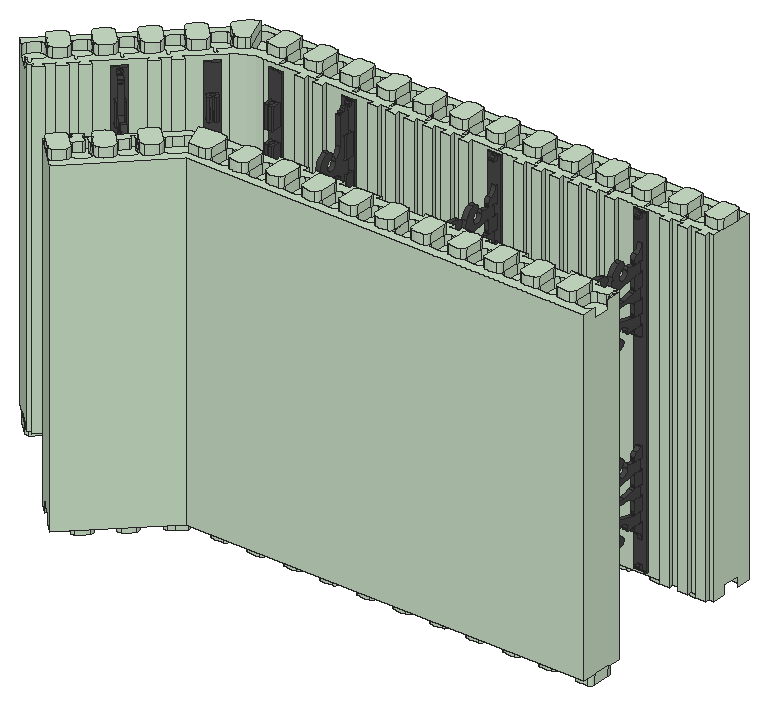
Revit family (continued)
Definition of nested family "NUDURA Logo Diamond"
  Lines and regions (in)
    model lines
      curve 74: line (11.3964, 0, 4.00104) -> (11.63374, 0, 4.23839)
      curve 75: line (11.63374, 0, 3.26872) -> (11.3964, 0, 3.50607)
      curve 76: line (11.3964, 0, 2.50104) -> (11.63374, 0, 2.73839)
      curve 77: line (11.63374, 0, 1.76872) -> (11.3964, 0, 2.00607)
      curve 78: line (11.3964, 0, 1.00104) -> (11.63374, 0, 1.23839)
      curve 79: line (11.74995, 0, 0.15251) -> (11.3964, 0, 0.50607)
      curve 80: line (11.82066, 0, 0.22322) -> (11.46711, 0, 0.57678)
      curve 81: line (12.52777, 0, 0.57678) -> (12.17421, 0, 0.22322)
      curve 82: line (12.17421, 0, 1.28388) -> (12.52777, 0, 0.93033)
      curve 83: line (11.46711, 0, 0.93033) -> (11.82066, 0, 1.28388)
      curve 84: arc (11.3964, 0, 0.50607) -> (11.29388, 0, 0.75355) -> (11.3964, 0, 1.00104) r 0.35
      curve 85: arc (11.74995, 0, 0.15251) -> (11.99744, 0, 0.05) -> (12.24492, 0, 0.15251) r 0.35
      curve 86: arc (11.46711, 0, 0.57678) -> (11.39388, 0, 0.75355) -> (11.46711, 0, 0.93033) r 0.25
      curve 87: arc (12.52777, 0, 0.57678) -> (12.60099, 0, 0.75355) -> (12.52777, 0, 0.93033) r 0.25
      curve 88: arc (12.17421, 0, 1.28388) -> (11.99744, 0, 1.35711) -> (11.82066, 0, 1.28388) r 0.25
      curve 89: arc (11.82066, 0, 0.22322) -> (11.99744, 0, 0.15) -> (12.17421, 0, 0.22322) r 0.25
      curve 90: arc (12.59848, 0, 0.50607) -> (12.70099, 0, 0.75355) -> (12.59848, 0, 1.00104) r 0.35
      curve 91: arc (11.63374, 0, 1.23839) -> (11.74358, 0, 1.50355) -> (11.63374, 0, 1.76872) r 0.375
      curve 92: arc (12.36113, 0, 1.23839) -> (12.2513, 0, 1.50355) -> (12.36113, 0, 1.76872) r 0.375
      curve 93: line (12.36113, 0, 2.73839) -> (12.59848, 0, 2.50104)
      curve 94: line (11.3964, 0, 2.50104) -> (11.63374, 0, 2.73839)
      curve 95: line (11.82066, 0, 1.72322) -> (11.46711, 0, 2.07678)
      curve 96: line (12.52777, 0, 2.07678) -> (12.17421, 0, 1.72322)
      curve 97: line (12.17421, 0, 2.78388) -> (12.52777, 0, 2.43033)
      curve 98: line (11.46711, 0, 2.43033) -> (11.82066, 0, 2.78388)
      curve 99: arc (11.3964, 0, 2.00607) -> (11.29388, 0, 2.25355) -> (11.3964, 0, 2.50104) r 0.35
      curve 100: arc (11.46711, 0, 2.07678) -> (11.39388, 0, 2.25355) -> (11.46711, 0, 2.43033) r 0.25
      curve 101: arc (12.52777, 0, 2.07678) -> (12.60099, 0, 2.25355) -> (12.52777, 0, 2.43033) r 0.25
      curve 102: arc (12.17421, 0, 2.78388) -> (11.99744, 0, 2.85711) -> (11.82066, 0, 2.78388) r 0.25
      curve 103: arc (11.82066, 0, 1.72322) -> (11.99744, 0, 1.65) -> (12.17421, 0, 1.72322) r 0.25
      curve 104: arc (12.59848, 0, 2.00607) -> (12.70099, 0, 2.25355) -> (12.59848, 0, 2.50104) r 0.35
      curve 105: line (11.63374, 0, 1.76872) -> (11.3964, 0, 2.00607)
      curve 106: line (12.59848, 0, 2.00607) -> (12.36113, 0, 1.76872)
      curve 107: arc (11.63374, 0, 2.73839) -> (11.74358, 0, 3.00355) -> (11.63374, 0, 3.26872) r 0.375
      curve 108: arc (12.36113, 0, 2.73839) -> (12.2513, 0, 3.00355) -> (12.36113, 0, 3.26872) r 0.375
      curve 109: line (12.36113, 0, 4.23839) -> (12.59848, 0, 4.00104)
      curve 110: line (11.3964, 0, 4.00104) -> (11.63374, 0, 4.23839)
      curve 111: line (11.82066, 0, 3.22322) -> (11.46711, 0, 3.57678)
      curve 112: line (12.52777, 0, 3.57678) -> (12.17421, 0, 3.22322)
      curve 113: line (12.17421, 0, 4.28388) -> (12.52777, 0, 3.93033)
      curve 114: line (11.46711, 0, 3.93033) -> (11.82066, 0, 4.28388)
      curve 115: arc (11.3964, 0, 3.50607) -> (11.29388, 0, 3.75355) -> (11.3964, 0, 4.00104) r 0.35
      curve 116: arc (11.46711, 0, 3.57678) -> (11.39388, 0, 3.75355) -> (11.46711, 0, 3.93033) r 0.25
      curve 117: arc (12.52777, 0, 3.57678) -> (12.60099, 0, 3.75355) -> (12.52777, 0, 3.93033) r 0.25
      curve 118: arc (12.17421, 0, 4.28388) -> (11.99744, 0, 4.35711) -> (11.82066, 0, 4.28388) r 0.25
      curve 119: arc (11.82066, 0, 3.22322) -> (11.99744, 0, 3.15) -> (12.17421, 0, 3.22322) r 0.25
      curve 120: arc (12.59848, 0, 3.50607) -> (12.70099, 0, 3.75355) -> (12.59848, 0, 4.00104) r 0.35
      curve 121: line (11.63374, 0, 3.26872) -> (11.3964, 0, 3.50607)
      curve 122: arc (11.63374, 0, 4.23839) -> (11.74358, 0, 4.50355) -> (11.63374, 0, 4.76872) r 0.375
      curve 123: arc (12.36113, 0, 4.23839) -> (12.2513, 0, 4.50355) -> (12.36113, 0, 4.76872) r 0.375
      curve 124: line (12.78279, 0, 5.19038) -> (12.36113, 0, 4.76872)
      curve 125: line (11.21208, 0, 5.19038) -> (11.28279, 0, 5.26109)
      curve 126: arc (11.82066, 0, 4.72322) -> (11.99744, 0, 4.65) -> (12.17421, 0, 4.72322) r 0.25
      curve 127: line (12.37244, 0, 12.50355) -> (11.62244, 0, 12.50355)
      curve 128: line (12.74744, 0, 5.87855) -> (12.74744, 0, 12.12855)
      curve 129: line (11.24744, 0, 12.12855) -> (11.24744, 0, 5.87855)
      curve 130: line (11.62244, 0, 5.50355) -> (12.37244, 0, 5.50355)
      curve 131: line (12.47232, 0, 12.00355) -> (12.0393, 0, 12.25355)
      curve 132: line (12.47232, 0, 11.50355) -> (12.47232, 0, 12.00355)
      curve 133: line (12.25581, 0, 11.37855) -> (12.47232, 0, 11.50355)
      curve 134: line (12.02256, 0, 11.51322) -> (12.25581, 0, 11.37855)
      curve 135: line (12.22232, 0, 11.62855) -> (12.02256, 0, 11.51322)
      curve 136: line (11.80605, 0, 12.11888) -> (12.22232, 0, 11.87855)
      curve 137: line (12.22232, 0, 11.87855) -> (12.22232, 0, 11.62855)
      curve 138: line (12.0393, 0, 12.25355) -> (11.80605, 0, 12.11888)
      curve 139: line (11.77256, 0, 11.63822) -> (11.97232, 0, 11.75355)
      curve 140: line (11.97232, 0, 11.75355) -> (11.73906, 0, 11.88822)
      curve 141: line (11.73906, 0, 11.88822) -> (11.52256, 0, 11.76322)
      curve 142: line (11.52256, 0, 11.76322) -> (11.52256, 0, 11.26322)
      curve 143: line (11.77256, 0, 11.38822) -> (11.77256, 0, 11.63822)
      curve 144: line (12.18882, 0, 11.14789) -> (11.77256, 0, 11.38822)
      curve 145: line (11.95557, 0, 11.01322) -> (12.18882, 0, 11.14789)
      curve 146: line (11.52256, 0, 11.26322) -> (11.95557, 0, 11.01322)
      curve 147: line (12.31108, 0, 10.60411) -> (11.68379, 0, 10.74458)
      curve 148: line (11.68379, 0, 10.74458) -> (11.68379, 0, 10.51321)
      curve 149: line (11.68379, 0, 10.51321) -> (12.1295, 0, 10.41405)
      curve 150: line (12.1295, 0, 10.41405) -> (11.68379, 0, 10.27358)
      curve 151: line (11.68379, 0, 10.27358) -> (11.68379, 0, 9.8852)
      curve 152: line (11.68379, 0, 9.8852) -> (12.17077, 0, 9.77615)
      curve 153: line (12.17077, 0, 9.77615) -> (12.17077, 0, 9.74472)
      curve 154: line (12.17077, 0, 9.74472) -> (11.86146, 0, 9.80279)
      curve 155: line (11.68379, 0, 9.65536) -> (11.68379, 0, 9.35864)
      curve 156: line (12.07077, 0, 8.74385) -> (12.07077, 0, 8.99996)
      curve 157: line (12.07077, 0, 8.99996) -> (11.68379, 0, 9.08605)
      curve 158: line (11.68379, 0, 9.08605) -> (11.68379, 0, 8.47809)
      curve 159: line (11.91823, 0, 9.06589) -> (12.31108, 0, 8.97792)
      curve 160: line (11.82444, 0, 8.55476) -> (11.82444, 0, 8.79865)
      curve 161: line (11.82444, 0, 8.79865) -> (12.07077, 0, 8.74385)
      curve 162: line (11.68379, 0, 8.07193) -> (11.68379, 0, 7.77522)
      curve 163: line (11.91823, 0, 7.48247) -> (12.21108, 0, 7.41688)
      curve 164: line (12.21108, 0, 7.41688) -> (12.21108, 0, 6.95405)
      curve 165: line (12.16108, 0, 6.90405) -> (12.12077, 0, 6.90405)
      curve 166: line (12.07077, 0, 6.95405) -> (12.07077, 0, 7.08675)
      curve 167: line (12.07077, 0, 7.08675) -> (12.12077, 0, 7.07556)
      curve 168: line (12.12077, 0, 7.07556) -> (12.12077, 0, 7.33463)
      curve 169: line (12.12077, 0, 7.33463) -> (11.68379, 0, 7.43249)
      curve 170: line (11.68379, 0, 7.43249) -> (11.68379, 0, 7.17341)
      curve 171: line (11.68379, 0, 7.17341) -> (11.97077, 0, 7.10915)
      curve 172: line (11.97077, 0, 7.10915) -> (11.97077, 0, 6.99425)
      curve 173: line (11.92077, 0, 6.94425) -> (11.68379, 0, 6.94425)
      curve 174: line (11.68379, 0, 6.94425) -> (11.68379, 0, 6.45682)
      curve 175: line (11.68379, 0, 6.45682) -> (11.78284, 0, 6.38658)
      curve 176: line (11.78284, 0, 6.38658) -> (11.78284, 0, 6.05178)
      curve 177: line (12.12371, 0, 6.14486) -> (11.88284, 0, 6.31567)
      curve 178: line (11.88284, 0, 6.31567) -> (11.88284, 0, 6.07909)
      curve 179: line (11.88284, 0, 6.07909) -> (12.12371, 0, 6.14486)
      curve 180: line (11.78284, 0, 6.05178) -> (11.68379, 0, 6.02474)
      curve 181: line (11.68379, 0, 6.02474) -> (11.68379, 0, 5.75355)
      curve 182: line (11.68379, 0, 5.75355) -> (12.31108, 0, 5.92483)
      curve 183: line (12.31108, 0, 5.92483) -> (12.31108, 0, 6.28791)
      curve 184: line (12.31108, 0, 6.28791) -> (11.76249, 0, 6.67694)
      curve 185: line (11.76249, 0, 6.67694) -> (11.90321, 0, 6.67694)
      curve 186: line (12.31108, 0, 6.78674) -> (12.31108, 0, 7.63562)
      curve 187: line (12.31108, 0, 7.63562) -> (11.90258, 0, 7.7271)
      curve 188: line (11.82444, 0, 7.82469) -> (11.82444, 0, 7.92839)
      curve 189: line (11.88536, 0, 7.97718) -> (12.31108, 0, 7.88185)
      curve 190: line (12.31108, 0, 7.88185) -> (12.31108, 0, 8.13496)
      curve 191: line (12.31108, 0, 8.13496) -> (12.08042, 0, 8.17826)
      curve 192: line (12.31108, 0, 8.38353) -> (12.31108, 0, 8.9465)
      curve 193: line (12.31108, 0, 8.9465) -> (12.17077, 0, 8.97771)
      curve 194: line (12.17077, 0, 8.97771) -> (12.17077, 0, 8.55476)
      curve 195: line (12.31108, 0, 8.97792) -> (12.31108, 0, 9.21905)
      curve 196: line (12.31108, 0, 9.21905) -> (11.90258, 0, 9.31053)
      curve 197: line (11.82444, 0, 9.40811) -> (11.82444, 0, 9.51182)
      curve 198: line (11.87938, 0, 9.56195) -> (12.31108, 0, 9.46528)
      curve 199: line (12.31108, 0, 9.46528) -> (12.31108, 0, 9.98469)
      curve 200: line (12.31108, 0, 9.98469) -> (11.90664, 0, 10.07526)
      curve 201: line (11.90664, 0, 10.07526) -> (12.31108, 0, 10.20747)
      curve 202: line (12.31108, 0, 10.20747) -> (12.31108, 0, 10.60411)
      curve 203: arc (11.68379, 0, 9.65536) -> (11.73801, 0, 9.7708) -> (11.86146, 0, 9.80279) r 0.15
      curve 204: arc (11.68379, 0, 9.35864) -> (11.74962, 0, 9.17112) -> (11.91823, 0, 9.06589) r 0.3
      curve 205: arc (11.84417, 0, 8.22149) -> (11.72718, 0, 8.32679) -> (11.68379, 0, 8.47809) r 0.28547
      curve 206: arc (11.68379, 0, 8.07193) -> (11.73147, 0, 8.18158) -> (11.84417, 0, 8.22149) r 0.14992
      curve 207: arc (11.68379, 0, 7.77522) -> (11.74962, 0, 7.58769) -> (11.91823, 0, 7.48247) r 0.3
      curve 208: arc (11.82444, 0, 7.82469) -> (11.84638, 0, 7.76218) -> (11.90258, 0, 7.7271) r 0.1
      curve 209: arc (11.82444, 0, 7.92839) -> (11.84318, 0, 7.96742) -> (11.88536, 0, 7.97718) r 0.05
      curve 210: arc (12.12077, 0, 6.90405) -> (12.08541, 0, 6.91869) -> (12.07077, 0, 6.95405) r 0.05
      curve 211: arc (12.16108, 0, 6.90405) -> (12.19644, 0, 6.91869) -> (12.21108, 0, 6.95405) r 0.05
      curve 212: arc (11.97077, 0, 6.99425) -> (11.95612, 0, 6.95889) -> (11.92077, 0, 6.94425) r 0.05
      curve 213: arc (11.90321, 0, 6.67694) -> (11.96756, 0, 6.70069) -> (12.00104, 0, 6.76055) r 0.09904
      curve 214: arc (12.00104, 0, 6.76055) -> (12.1681, 0, 6.63117) -> (12.31108, 0, 6.78674) r 0.15613
      curve 215: arc (12.08042, 0, 8.17826) -> (12.24181, 0, 8.22914) -> (12.31108, 0, 8.38353) r 0.20667
      curve 216: arc (11.82444, 0, 8.55476) -> (11.9976, 0, 8.3816) -> (12.17077, 0, 8.55476) r 0.17317
      curve 217: arc (11.82444, 0, 9.40811) -> (11.84638, 0, 9.34561) -> (11.90258, 0, 9.31053) r 0.1
      curve 218: arc (11.82444, 0, 9.51182) -> (11.8459, 0, 9.55306) -> (11.892, 0, 9.55913) r 0.05034
      curve 219: arc (11.24744, 0, 12.12855) -> (11.35727, 0, 12.39372) -> (11.62244, 0, 12.50355) r 0.375
      curve 220: arc (12.37244, 0, 12.50355) -> (12.6376, 0, 12.39372) -> (12.74744, 0, 12.12855) r 0.375
      curve 221: arc (11.24744, 0, 5.87855) -> (11.35727, 0, 5.61339) -> (11.62244, 0, 5.50355) r 0.375
      curve 222: arc (12.37244, 0, 5.50355) -> (12.6376, 0, 5.61339) -> (12.74744, 0, 5.87855) r 0.375
      curve 223: line (9.99744, 0, 18) -> (9.99744, 0, 0)
      curve 224: line (13.99744, 0, 18) -> (13.99744, 0, 0)
      curve 225: line (15.99744, 0, 18) -> (15.99744, 0, 0)
Definition of nested family "NUDURA Logo Diamond Missing Outside Line"
  Reference planes (in)
    plane 1 "Center (Front/Back)": y = 0
    plane 2: z = 0
    plane 3 "Center (Left/Right)": x = 0
  Lines and regions (in)
    model lines
      curve 1: line (12.59848, 0, 17.50104) -> (12.24492, 0, 17.85459)
      curve 2: line (12.36113, 0, 16.76872) -> (12.59848, 0, 17.00607)
      curve 3: line (12.59848, 0, 16.00104) -> (12.36113, 0, 16.23839)
      curve 4: line (12.36113, 0, 15.26872) -> (12.59848, 0, 15.50607)
      curve 5: line (12.59848, 0, 14.50104) -> (12.36113, 0, 14.73839)
      curve 6: line (12.36113, 0, 13.76872) -> (12.59848, 0, 14.00607)
      curve 7: line (12.17421, 0, 13.28388) -> (12.71208, 0, 12.74602)
      curve 8: line (12.71208, 0, 12.74602) -> (12.78279, 0, 12.81673)
      curve 9: line (11.28279, 0, 12.74602) -> (11.82066, 0, 13.28388)
      curve 10: line (11.63374, 0, 13.23839) -> (11.21208, 0, 12.81673)
      curve 11: line (11.3964, 0, 14.00607) -> (11.63374, 0, 13.76872)
      curve 12: line (11.63374, 0, 14.73839) -> (11.3964, 0, 14.50104)
      curve 13: line (11.3964, 0, 15.50607) -> (11.63374, 0, 15.26872)
      curve 14: line (11.63374, 0, 16.23839) -> (11.3964, 0, 16.00104)
      curve 15: line (11.3964, 0, 17.00607) -> (11.63374, 0, 16.76872)
      curve 16: line (11.74995, 0, 17.85459) -> (11.3964, 0, 17.50104)
      curve 17: line (11.82066, 0, 17.78388) -> (11.46711, 0, 17.43033)
      curve 18: line (12.52777, 0, 17.43033) -> (12.17421, 0, 17.78388)
      curve 19: line (12.17421, 0, 16.72322) -> (12.52777, 0, 17.07678)
      curve 20: line (11.46711, 0, 17.07678) -> (11.82066, 0, 16.72322)
      curve 21: arc (11.3964, 0, 17.50104) -> (11.29388, 0, 17.25355) -> (11.3964, 0, 17.00607) r 0.35
      curve 22: arc (11.74995, 0, 17.85459) -> (11.99744, 0, 17.95711) -> (12.24492, 0, 17.85459) r 0.35
      curve 23: arc (11.46711, 0, 17.43033) -> (11.39388, 0, 17.25355) -> (11.46711, 0, 17.07678) r 0.25
      curve 24: arc (12.52777, 0, 17.43033) -> (12.60099, 0, 17.25355) -> (12.52777, 0, 17.07678) r 0.25
      curve 25: arc (12.17421, 0, 16.72322) -> (11.99744, 0, 16.65) -> (11.82066, 0, 16.72322) r 0.25
      curve 26: arc (11.82066, 0, 17.78388) -> (11.99744, 0, 17.85711) -> (12.17421, 0, 17.78388) r 0.25
      curve 27: arc (12.59848, 0, 17.50104) -> (12.70099, 0, 17.25355) -> (12.59848, 0, 17.00607) r 0.35
      curve 28: arc (11.63374, 0, 16.76872) -> (11.74358, 0, 16.50355) -> (11.63374, 0, 16.23839) r 0.375
      curve 29: arc (12.36113, 0, 16.76872) -> (12.2513, 0, 16.50355) -> (12.36113, 0, 16.23839) r 0.375
      curve 30: line (12.36113, 0, 15.26872) -> (12.59848, 0, 15.50607)
      curve 31: line (11.3964, 0, 15.50607) -> (11.63374, 0, 15.26872)
      curve 32: line (11.82066, 0, 16.28388) -> (11.46711, 0, 15.93033)
      curve 33: line (12.52777, 0, 15.93033) -> (12.17421, 0, 16.28388)
      curve 34: line (12.17421, 0, 15.22322) -> (12.52777, 0, 15.57678)
      curve 35: line (11.46711, 0, 15.57678) -> (11.82066, 0, 15.22322)
      curve 36: arc (11.3964, 0, 16.00104) -> (11.29388, 0, 15.75355) -> (11.3964, 0, 15.50607) r 0.35
      curve 37: arc (11.46711, 0, 15.93033) -> (11.39388, 0, 15.75355) -> (11.46711, 0, 15.57678) r 0.25
      curve 38: arc (12.52777, 0, 15.93033) -> (12.60099, 0, 15.75355) -> (12.52777, 0, 15.57678) r 0.25
      curve 39: arc (12.17421, 0, 15.22322) -> (11.99744, 0, 15.15) -> (11.82066, 0, 15.22322) r 0.25
      curve 40: arc (11.82066, 0, 16.28388) -> (11.99744, 0, 16.35711) -> (12.17421, 0, 16.28388) r 0.25
      curve 41: arc (12.59848, 0, 16.00104) -> (12.70099, 0, 15.75355) -> (12.59848, 0, 15.50607) r 0.35
      curve 42: line (11.63374, 0, 16.23839) -> (11.3964, 0, 16.00104)
      curve 43: line (12.59848, 0, 16.00104) -> (12.36113, 0, 16.23839)
      curve 44: arc (11.63374, 0, 15.26872) -> (11.74358, 0, 15.00355) -> (11.63374, 0, 14.73839) r 0.375
      curve 45: arc (12.36113, 0, 15.26872) -> (12.2513, 0, 15.00355) -> (12.36113, 0, 14.73839) r 0.375
      curve 46: line (12.36113, 0, 13.76872) -> (12.59848, 0, 14.00607)
      curve 47: line (11.3964, 0, 14.00607) -> (11.63374, 0, 13.76872)
      curve 48: line (11.82066, 0, 14.78388) -> (11.46711, 0, 14.43033)
      curve 49: line (12.52777, 0, 14.43033) -> (12.17421, 0, 14.78388)
      curve 50: line (12.17421, 0, 13.72322) -> (12.52777, 0, 14.07678)
      curve 51: line (11.46711, 0, 14.07678) -> (11.82066, 0, 13.72322)
      curve 52: arc (11.3964, 0, 14.50104) -> (11.29388, 0, 14.25355) -> (11.3964, 0, 14.00607) r 0.35
      curve 53: arc (11.46711, 0, 14.43033) -> (11.39388, 0, 14.25355) -> (11.46711, 0, 14.07678) r 0.25
      curve 54: arc (12.52777, 0, 14.43033) -> (12.60099, 0, 14.25355) -> (12.52777, 0, 14.07678) r 0.25
      curve 55: arc (12.17421, 0, 13.72322) -> (11.99744, 0, 13.65) -> (11.82066, 0, 13.72322) r 0.25
      curve 56: arc (11.82066, 0, 14.78388) -> (11.99744, 0, 14.85711) -> (12.17421, 0, 14.78388) r 0.25
      curve 57: arc (12.59848, 0, 14.50104) -> (12.70099, 0, 14.25355) -> (12.59848, 0, 14.00607) r 0.35
      curve 58: line (11.63374, 0, 14.73839) -> (11.3964, 0, 14.50104)
      curve 59: arc (11.63374, 0, 13.76872) -> (11.74358, 0, 13.50355) -> (11.63374, 0, 13.23839) r 0.375
      curve 60: arc (12.36113, 0, 13.76872) -> (12.2513, 0, 13.50355) -> (12.36113, 0, 13.23839) r 0.375
      curve 61: line (12.78279, 0, 12.81673) -> (12.36113, 0, 13.23839)
      curve 62: line (11.21208, 0, 12.81673) -> (11.28279, 0, 12.74602)
      curve 63: arc (11.82066, 0, 13.28388) -> (11.99744, 0, 13.35711) -> (12.17421, 0, 13.28388) r 0.25
      curve 64: line (12.59848, 0, 0.50607) -> (12.24492, 0, 0.15251)
      curve 65: line (12.36113, 0, 1.23839) -> (12.59848, 0, 1.00104)
      curve 66: line (12.59848, 0, 2.00607) -> (12.36113, 0, 1.76872)
      curve 67: line (12.36113, 0, 2.73839) -> (12.59848, 0, 2.50104)
      curve 68: line (12.59848, 0, 3.50607) -> (12.36113, 0, 3.26872)
      curve 69: line (12.36113, 0, 4.23839) -> (12.59848, 0, 4.00104)
      curve 70: line (12.17421, 0, 4.72322) -> (12.71208, 0, 5.26109)
      curve 71: line (12.71208, 0, 5.26109) -> (12.78279, 0, 5.19038)
      curve 72: line (11.28279, 0, 5.26109) -> (11.82066, 0, 4.72322)
      curve 73: line (11.63374, 0, 4.76872) -> (11.21208, 0, 5.19038)
      curve 74: line (11.3964, 0, 4.00104) -> (11.63374, 0, 4.23839)
      curve 75: line (11.63374, 0, 3.26872) -> (11.3964, 0, 3.50607)
      curve 76: line (11.3964, 0, 2.50104) -> (11.63374, 0, 2.73839)
      curve 77: line (11.63374, 0, 1.76872) -> (11.3964, 0, 2.00607)
      curve 78: line (11.3964, 0, 1.00104) -> (11.63374, 0, 1.23839)
      curve 79: line (11.74995, 0, 0.15251) -> (11.3964, 0, 0.50607)
      curve 80: line (11.82066, 0, 0.22322) -> (11.46711, 0, 0.57678)
      curve 81: line (12.52777, 0, 0.57678) -> (12.17421, 0, 0.22322)
      curve 82: line (12.17421, 0, 1.28388) -> (12.52777, 0, 0.93033)
      curve 83: line (11.46711, 0, 0.93033) -> (11.82066, 0, 1.28388)
      curve 84: arc (11.3964, 0, 0.50607) -> (11.29388, 0, 0.75355) -> (11.3964, 0, 1.00104) r 0.35
      curve 85: arc (11.74995, 0, 0.15251) -> (11.99744, 0, 0.05) -> (12.24492, 0, 0.15251) r 0.35
      curve 86: arc (11.46711, 0, 0.57678) -> (11.39388, 0, 0.75355) -> (11.46711, 0, 0.93033) r 0.25
      curve 87: arc (12.52777, 0, 0.57678) -> (12.60099, 0, 0.75355) -> (12.52777, 0, 0.93033) r 0.25
      curve 88: arc (12.17421, 0, 1.28388) -> (11.99744, 0, 1.35711) -> (11.82066, 0, 1.28388) r 0.25
      curve 89: arc (11.82066, 0, 0.22322) -> (11.99744, 0, 0.15) -> (12.17421, 0, 0.22322) r 0.25
      curve 90: arc (12.59848, 0, 0.50607) -> (12.70099, 0, 0.75355) -> (12.59848, 0, 1.00104) r 0.35
      curve 91: arc (11.63374, 0, 1.23839) -> (11.74358, 0, 1.50355) -> (11.63374, 0, 1.76872) r 0.375
      curve 92: arc (12.36113, 0, 1.23839) -> (12.2513, 0, 1.50355) -> (12.36113, 0, 1.76872) r 0.375
      curve 93: line (12.36113, 0, 2.73839) -> (12.59848, 0, 2.50104)
      curve 94: line (11.3964, 0, 2.50104) -> (11.63374, 0, 2.73839)
      curve 95: line (11.82066, 0, 1.72322) -> (11.46711, 0, 2.07678)
      curve 96: line (12.52777, 0, 2.07678) -> (12.17421, 0, 1.72322)
      curve 97: line (12.17421, 0, 2.78388) -> (12.52777, 0, 2.43033)
      curve 98: line (11.46711, 0, 2.43033) -> (11.82066, 0, 2.78388)
      curve 99: arc (11.3964, 0, 2.00607) -> (11.29388, 0, 2.25355) -> (11.3964, 0, 2.50104) r 0.35
      curve 100: arc (11.46711, 0, 2.07678) -> (11.39388, 0, 2.25355) -> (11.46711, 0, 2.43033) r 0.25
      curve 101: arc (12.52777, 0, 2.07678) -> (12.60099, 0, 2.25355) -> (12.52777, 0, 2.43033) r 0.25
      curve 102: arc (12.17421, 0, 2.78388) -> (11.99744, 0, 2.85711) -> (11.82066, 0, 2.78388) r 0.25
      curve 103: arc (11.82066, 0, 1.72322) -> (11.99744, 0, 1.65) -> (12.17421, 0, 1.72322) r 0.25
      curve 104: arc (12.59848, 0, 2.00607) -> (12.70099, 0, 2.25355) -> (12.59848, 0, 2.50104) r 0.35
      curve 105: line (11.63374, 0, 1.76872) -> (11.3964, 0, 2.00607)
      curve 106: line (12.59848, 0, 2.00607) -> (12.36113, 0, 1.76872)
      curve 107: arc (11.63374, 0, 2.73839) -> (11.74358, 0, 3.00355) -> (11.63374, 0, 3.26872) r 0.375
      curve 108: arc (12.36113, 0, 2.73839) -> (12.2513, 0, 3.00355) -> (12.36113, 0, 3.26872) r 0.375
      curve 109: line (12.36113, 0, 4.23839) -> (12.59848, 0, 4.00104)
      curve 110: line (11.3964, 0, 4.00104) -> (11.63374, 0, 4.23839)
      curve 111: line (11.82066, 0, 3.22322) -> (11.46711, 0, 3.57678)
      curve 112: line (12.52777, 0, 3.57678) -> (12.17421, 0, 3.22322)
      curve 113: line (12.17421, 0, 4.28388) -> (12.52777, 0, 3.93033)
      curve 114: line (11.46711, 0, 3.93033) -> (11.82066, 0, 4.28388)
      curve 115: arc (11.3964, 0, 3.50607) -> (11.29388, 0, 3.75355) -> (11.3964, 0, 4.00104) r 0.35
      curve 116: arc (11.46711, 0, 3.57678) -> (11.39388, 0, 3.75355) -> (11.46711, 0, 3.93033) r 0.25
      curve 117: arc (12.52777, 0, 3.57678) -> (12.60099, 0, 3.75355) -> (12.52777, 0, 3.93033) r 0.25
      curve 118: arc (12.17421, 0, 4.28388) -> (11.99744, 0, 4.35711) -> (11.82066, 0, 4.28388) r 0.25
      curve 119: arc (11.82066, 0, 3.22322) -> (11.99744, 0, 3.15) -> (12.17421, 0, 3.22322) r 0.25
      curve 120: arc (12.59848, 0, 3.50607) -> (12.70099, 0, 3.75355) -> (12.59848, 0, 4.00104) r 0.35
      curve 121: line (11.63374, 0, 3.26872) -> (11.3964, 0, 3.50607)
      curve 122: arc (11.63374, 0, 4.23839) -> (11.74358, 0, 4.50355) -> (11.63374, 0, 4.76872) r 0.375
      curve 123: arc (12.36113, 0, 4.23839) -> (12.2513, 0, 4.50355) -> (12.36113, 0, 4.76872) r 0.375
      curve 124: line (12.78279, 0, 5.19038) -> (12.36113, 0, 4.76872)
      curve 125: line (11.21208, 0, 5.19038) -> (11.28279, 0, 5.26109)
      curve 126: arc (11.82066, 0, 4.72322) -> (11.99744, 0, 4.65) -> (12.17421, 0, 4.72322) r 0.25
      curve 127: line (12.37244, 0, 12.50355) -> (11.62244, 0, 12.50355)
      curve 128: line (12.74744, 0, 5.87855) -> (12.74744, 0, 12.12855)
      curve 129: line (11.24744, 0, 12.12855) -> (11.24744, 0, 5.87855)
      curve 130: line (11.62244, 0, 5.50355) -> (12.37244, 0, 5.50355)
      curve 131: line (12.47232, 0, 12.00355) -> (12.0393, 0, 12.25355)
      curve 132: line (12.47232, 0, 11.50355) -> (12.47232, 0, 12.00355)
      curve 133: line (12.25581, 0, 11.37855) -> (12.47232, 0, 11.50355)
      curve 134: line (12.02256, 0, 11.51322) -> (12.25581, 0, 11.37855)
      curve 135: line (12.22232, 0, 11.62855) -> (12.02256, 0, 11.51322)
      curve 136: line (11.80605, 0, 12.11888) -> (12.22232, 0, 11.87855)
      curve 137: line (12.22232, 0, 11.87855) -> (12.22232, 0, 11.62855)
      curve 138: line (12.0393, 0, 12.25355) -> (11.80605, 0, 12.11888)
      curve 139: line (11.77256, 0, 11.63822) -> (11.97232, 0, 11.75355)
      curve 140: line (11.97232, 0, 11.75355) -> (11.73906, 0, 11.88822)
      curve 141: line (11.73906, 0, 11.88822) -> (11.52256, 0, 11.76322)
      curve 142: line (11.52256, 0, 11.76322) -> (11.52256, 0, 11.26322)
      curve 143: line (11.77256, 0, 11.38822) -> (11.77256, 0, 11.63822)
      curve 144: line (12.18882, 0, 11.14789) -> (11.77256, 0, 11.38822)
      curve 145: line (11.95557, 0, 11.01322) -> (12.18882, 0, 11.14789)
      curve 146: line (11.52256, 0, 11.26322) -> (11.95557, 0, 11.01322)
      curve 147: line (12.31108, 0, 10.60411) -> (11.68379, 0, 10.74458)
      curve 148: line (11.68379, 0, 10.74458) -> (11.68379, 0, 10.51321)
      curve 149: line (11.68379, 0, 10.51321) -> (12.1295, 0, 10.41405)
      curve 150: line (12.1295, 0, 10.41405) -> (11.68379, 0, 10.27358)
      curve 151: line (11.68379, 0, 10.27358) -> (11.68379, 0, 9.8852)
      curve 152: line (11.68379, 0, 9.8852) -> (12.17077, 0, 9.77615)
      curve 153: line (12.17077, 0, 9.77615) -> (12.17077, 0, 9.74472)
      curve 154: line (12.17077, 0, 9.74472) -> (11.86146, 0, 9.80279)
      curve 155: line (11.68379, 0, 9.65536) -> (11.68379, 0, 9.35864)
      curve 156: line (12.07077, 0, 8.74385) -> (12.07077, 0, 8.99996)
      curve 157: line (12.07077, 0, 8.99996) -> (11.68379, 0, 9.08605)
      curve 158: line (11.68379, 0, 9.08605) -> (11.68379, 0, 8.47809)
      curve 159: line (11.91823, 0, 9.06589) -> (12.31108, 0, 8.97792)
      curve 160: line (11.82444, 0, 8.55476) -> (11.82444, 0, 8.79865)
      curve 161: line (11.82444, 0, 8.79865) -> (12.07077, 0, 8.74385)
      curve 162: line (11.68379, 0, 8.07193) -> (11.68379, 0, 7.77522)
      curve 163: line (11.91823, 0, 7.48247) -> (12.21108, 0, 7.41688)
      curve 164: line (12.21108, 0, 7.41688) -> (12.21108, 0, 6.95405)
      curve 165: line (12.16108, 0, 6.90405) -> (12.12077, 0, 6.90405)
      curve 166: line (12.07077, 0, 6.95405) -> (12.07077, 0, 7.08675)
      curve 167: line (12.07077, 0, 7.08675) -> (12.12077, 0, 7.07556)
      curve 168: line (12.12077, 0, 7.07556) -> (12.12077, 0, 7.33463)
      curve 169: line (12.12077, 0, 7.33463) -> (11.68379, 0, 7.43249)
      curve 170: line (11.68379, 0, 7.43249) -> (11.68379, 0, 7.17341)
      curve 171: line (11.68379, 0, 7.17341) -> (11.97077, 0, 7.10915)
      curve 172: line (11.97077, 0, 7.10915) -> (11.97077, 0, 6.99425)
      curve 173: line (11.92077, 0, 6.94425) -> (11.68379, 0, 6.94425)
      curve 174: line (11.68379, 0, 6.94425) -> (11.68379, 0, 6.45682)
      curve 175: line (11.68379, 0, 6.45682) -> (11.78284, 0, 6.38658)
      curve 176: line (11.78284, 0, 6.38658) -> (11.78284, 0, 6.05178)
      curve 177: line (12.12371, 0, 6.14486) -> (11.88284, 0, 6.31567)
      curve 178: line (11.88284, 0, 6.31567) -> (11.88284, 0, 6.07909)
      curve 179: line (11.88284, 0, 6.07909) -> (12.12371, 0, 6.14486)
      curve 180: line (11.78284, 0, 6.05178) -> (11.68379, 0, 6.02474)
      curve 181: line (11.68379, 0, 6.02474) -> (11.68379, 0, 5.75355)
      curve 182: line (11.68379, 0, 5.75355) -> (12.31108, 0, 5.92483)
      curve 183: line (12.31108, 0, 5.92483) -> (12.31108, 0, 6.28791)
      curve 184: line (12.31108, 0, 6.28791) -> (11.76249, 0, 6.67694)
      curve 185: line (11.76249, 0, 6.67694) -> (11.90321, 0, 6.67694)
      curve 186: line (12.31108, 0, 6.78674) -> (12.31108, 0, 7.63562)
      curve 187: line (12.31108, 0, 7.63562) -> (11.90258, 0, 7.7271)
      curve 188: line (11.82444, 0, 7.82469) -> (11.82444, 0, 7.92839)
      curve 189: line (11.88536, 0, 7.97718) -> (12.31108, 0, 7.88185)
      curve 190: line (12.31108, 0, 7.88185) -> (12.31108, 0, 8.13496)
      curve 191: line (12.31108, 0, 8.13496) -> (12.08042, 0, 8.17826)
      curve 192: line (12.31108, 0, 8.38353) -> (12.31108, 0, 8.9465)
      curve 193: line (12.31108, 0, 8.9465) -> (12.17077, 0, 8.97771)
      curve 194: line (12.17077, 0, 8.97771) -> (12.17077, 0, 8.55476)
      curve 195: line (12.31108, 0, 8.97792) -> (12.31108, 0, 9.21905)
      curve 196: line (12.31108, 0, 9.21905) -> (11.90258, 0, 9.31053)
      curve 197: line (11.82444, 0, 9.40811) -> (11.82444, 0, 9.51182)
      curve 198: line (11.87938, 0, 9.56195) -> (12.31108, 0, 9.46528)
      curve 199: line (12.31108, 0, 9.46528) -> (12.31108, 0, 9.98469)
      curve 200: line (12.31108, 0, 9.98469) -> (11.90664, 0, 10.07526)
      curve 201: line (11.90664, 0, 10.07526) -> (12.31108, 0, 10.20747)
      curve 202: line (12.31108, 0, 10.20747) -> (12.31108, 0, 10.60411)
      curve 203: arc (11.68379, 0, 9.65536) -> (11.73801, 0, 9.7708) -> (11.86146, 0, 9.80279) r 0.15
      curve 204: arc (11.68379, 0, 9.35864) -> (11.74962, 0, 9.17112) -> (11.91823, 0, 9.06589) r 0.3
      curve 205: arc (11.84417, 0, 8.22149) -> (11.72718, 0, 8.32679) -> (11.68379, 0, 8.47809) r 0.28547
      curve 206: arc (11.68379, 0, 8.07193) -> (11.73147, 0, 8.18158) -> (11.84417, 0, 8.22149) r 0.14992
      curve 207: arc (11.68379, 0, 7.77522) -> (11.74962, 0, 7.58769) -> (11.91823, 0, 7.48247) r 0.3
      curve 208: arc (11.82444, 0, 7.82469) -> (11.84638, 0, 7.76218) -> (11.90258, 0, 7.7271) r 0.1
      curve 209: arc (11.82444, 0, 7.92839) -> (11.84318, 0, 7.96742) -> (11.88536, 0, 7.97718) r 0.05
      curve 210: arc (12.12077, 0, 6.90405) -> (12.08541, 0, 6.91869) -> (12.07077, 0, 6.95405) r 0.05
      curve 211: arc (12.16108, 0, 6.90405) -> (12.19644, 0, 6.91869) -> (12.21108, 0, 6.95405) r 0.05
      curve 212: arc (11.97077, 0, 6.99425) -> (11.95612, 0, 6.95889) -> (11.92077, 0, 6.94425) r 0.05
      curve 213: arc (11.90321, 0, 6.67694) -> (11.96756, 0, 6.70069) -> (12.00104, 0, 6.76055) r 0.09904
      curve 214: arc (12.00104, 0, 6.76055) -> (12.1681, 0, 6.63117) -> (12.31108, 0, 6.78674) r 0.15613
      curve 215: arc (12.08042, 0, 8.17826) -> (12.24181, 0, 8.22914) -> (12.31108, 0, 8.38353) r 0.20667
      curve 216: arc (11.82444, 0, 8.55476) -> (11.9976, 0, 8.3816) -> (12.17077, 0, 8.55476) r 0.17317
      curve 217: arc (11.82444, 0, 9.40811) -> (11.84638, 0, 9.34561) -> (11.90258, 0, 9.31053) r 0.1
      curve 218: arc (11.82444, 0, 9.51182) -> (11.8459, 0, 9.55306) -> (11.892, 0, 9.55913) r 0.05034
      curve 219: arc (11.24744, 0, 12.12855) -> (11.35727, 0, 12.39372) -> (11.62244, 0, 12.50355) r 0.375
      curve 220: arc (12.37244, 0, 12.50355) -> (12.6376, 0, 12.39372) -> (12.74744, 0, 12.12855) r 0.375
      curve 221: arc (11.24744, 0, 5.87855) -> (11.35727, 0, 5.61339) -> (11.62244, 0, 5.50355) r 0.375
      curve 222: arc (12.37244, 0, 5.50355) -> (12.6376, 0, 5.61339) -> (12.74744, 0, 5.87855) r 0.375
      curve 223: line (9.99744, 0, 18) -> (9.99744, 0, 0)
      curve 224: line (13.99744, 0, 18) -> (13.99744, 0, 0)
Definition of nested family "NUDURA Diamond Pattern Missing Two Lines"
  Reference planes (in)
    plane 1 "Center (Front/Back)": y = 0
    plane 2: z = 0
    plane 3 "Center (Left/Right)": x = 0
    plane 4: z = 18
  Lines and regions (in)
    model lines
      curve 1: line (2, -5.625, 18) -> (2, -5.625, 0)
      curve 2: line (3.35367, -5.625, 16.98484) -> (3.69709, -5.625, 16.64142)
      curve 3: arc (3.35367, -5.625, 17.51517) -> (3.24384, -5.625, 17.25) -> (3.35367, -5.625, 16.98484) r 0.375
      curve 4: line (3.72867, -5.625, 17.89017) -> (3.35367, -5.625, 17.51517)
      curve 5: arc (4.259, -5.625, 17.89017) -> (3.99384, -5.625, 18) -> (3.72867, -5.625, 17.89017) r 0.375
      curve 6: line (4.634, -5.625, 17.51517) -> (4.259, -5.625, 17.89017)
      curve 7: arc (4.634, -5.625, 16.98484) -> (4.74384, -5.625, 17.25) -> (4.634, -5.625, 17.51517) r 0.375
      curve 8: line (4.29059, -5.625, 16.64142) -> (4.634, -5.625, 16.98484)
      curve 9: arc (4.17062, -5.625, 17.80178) -> (3.99384, -5.625, 17.875) -> (3.81706, -5.625, 17.80178) r 0.25
      curve 10: line (4.54562, -5.625, 17.42678) -> (4.17062, -5.625, 17.80178)
      curve 11: arc (4.54562, -5.625, 17.07322) -> (4.61884, -5.625, 17.25) -> (4.54562, -5.625, 17.42678) r 0.25
      curve 12: line (4.17062, -5.625, 16.69822) -> (4.54562, -5.625, 17.07322)
      curve 13: arc (3.81706, -5.625, 16.69822) -> (3.99384, -5.625, 16.625) -> (4.17062, -5.625, 16.69822) r 0.25
      curve 14: line (3.44206, -5.625, 17.07322) -> (3.81706, -5.625, 16.69822)
      curve 15: arc (3.44206, -5.625, 17.42678) -> (3.36884, -5.625, 17.25) -> (3.44206, -5.625, 17.07322) r 0.25
      curve 16: line (3.81706, -5.625, 17.80178) -> (3.44206, -5.625, 17.42678)
      curve 17: arc (3.69709, -5.625, 16.35858) -> (3.75567, -5.625, 16.5) -> (3.69709, -5.625, 16.64142) r 0.2
      curve 18: line (4.634, -5.625, 16.01517) -> (4.29059, -5.625, 16.35858)
      curve 19: arc (4.634, -5.625, 15.48484) -> (4.74384, -5.625, 15.75) -> (4.634, -5.625, 16.01517) r 0.375
      curve 20: line (4.29059, -5.625, 15.14142) -> (4.634, -5.625, 15.48484)
      curve 21: line (3.35367, -5.625, 15.48484) -> (3.69709, -5.625, 15.14142)
      curve 22: arc (3.35367, -5.625, 16.01517) -> (3.24384, -5.625, 15.75) -> (3.35367, -5.625, 15.48484) r 0.375
      curve 23: line (3.69709, -5.625, 16.35858) -> (3.35367, -5.625, 16.01517)
      curve 24: arc (4.17062, -5.625, 16.30178) -> (3.99384, -5.625, 16.375) -> (3.81706, -5.625, 16.30178) r 0.25
      curve 25: line (3.81706, -5.625, 16.30178) -> (3.44206, -5.625, 15.92678)
      curve 26: arc (3.44206, -5.625, 15.92678) -> (3.36884, -5.625, 15.75) -> (3.44206, -5.625, 15.57322) r 0.25
      curve 27: line (3.44206, -5.625, 15.57322) -> (3.81706, -5.625, 15.19822)
      curve 28: arc (3.81706, -5.625, 15.19822) -> (3.99384, -5.625, 15.125) -> (4.17062, -5.625, 15.19822) r 0.25
      curve 29: line (4.17062, -5.625, 15.19822) -> (4.54562, -5.625, 15.57322)
      curve 30: arc (4.54562, -5.625, 15.57322) -> (4.61884, -5.625, 15.75) -> (4.54562, -5.625, 15.92678) r 0.25
      curve 31: line (4.54562, -5.625, 15.92678) -> (4.17062, -5.625, 16.30178)
      curve 32: arc (3.69709, -5.625, 14.85858) -> (3.75567, -5.625, 15) -> (3.69709, -5.625, 15.14142) r 0.2
      curve 33: line (4.634, -5.625, 14.51517) -> (4.29059, -5.625, 14.85858)
      curve 34: arc (4.634, -5.625, 13.98484) -> (4.74384, -5.625, 14.25) -> (4.634, -5.625, 14.51517) r 0.375
      curve 35: line (4.29059, -5.625, 13.64142) -> (4.634, -5.625, 13.98484)
      curve 36: line (3.35367, -5.625, 13.98484) -> (3.69709, -5.625, 13.64142)
      curve 37: arc (3.35367, -5.625, 14.51517) -> (3.24384, -5.625, 14.25) -> (3.35367, -5.625, 13.98484) r 0.375
      curve 38: line (3.69709, -5.625, 14.85858) -> (3.35367, -5.625, 14.51517)
      curve 39: arc (4.17062, -5.625, 14.80178) -> (3.99384, -5.625, 14.875) -> (3.81706, -5.625, 14.80178) r 0.25
      curve 40: line (3.81706, -5.625, 14.80178) -> (3.44206, -5.625, 14.42678)
      curve 41: arc (3.44206, -5.625, 14.42678) -> (3.36884, -5.625, 14.25) -> (3.44206, -5.625, 14.07322) r 0.25
      curve 42: line (3.44206, -5.625, 14.07322) -> (3.81706, -5.625, 13.69822)
      curve 43: arc (3.81706, -5.625, 13.69822) -> (3.99384, -5.625, 13.625) -> (4.17062, -5.625, 13.69822) r 0.25
      curve 44: line (4.17062, -5.625, 13.69822) -> (4.54562, -5.625, 14.07322)
      curve 45: arc (4.54562, -5.625, 14.07322) -> (4.61884, -5.625, 14.25) -> (4.54562, -5.625, 14.42678) r 0.25
      curve 46: line (4.54562, -5.625, 14.42678) -> (4.17062, -5.625, 14.80178)
      curve 47: arc (3.69709, -5.625, 13.35858) -> (3.75567, -5.625, 13.5) -> (3.69709, -5.625, 13.64142) r 0.2
      curve 48: line (4.634, -5.625, 13.01517) -> (4.29059, -5.625, 13.35858)
      curve 49: arc (4.634, -5.625, 12.48484) -> (4.74384, -5.625, 12.75) -> (4.634, -5.625, 13.01517) r 0.375
      curve 50: line (4.29059, -5.625, 12.14142) -> (4.634, -5.625, 12.48484)
      curve 51: line (3.35367, -5.625, 12.48484) -> (3.69709, -5.625, 12.14142)
      curve 52: arc (3.35367, -5.625, 13.01517) -> (3.24384, -5.625, 12.75) -> (3.35367, -5.625, 12.48484) r 0.375
      curve 53: line (3.69709, -5.625, 13.35858) -> (3.35367, -5.625, 13.01517)
      curve 54: arc (4.17062, -5.625, 13.30178) -> (3.99384, -5.625, 13.375) -> (3.81706, -5.625, 13.30178) r 0.25
      curve 55: line (3.81706, -5.625, 13.30178) -> (3.44206, -5.625, 12.92678)
      curve 56: arc (3.44206, -5.625, 12.92678) -> (3.36884, -5.625, 12.75) -> (3.44206, -5.625, 12.57322) r 0.25
      curve 57: line (3.44206, -5.625, 12.57322) -> (3.81706, -5.625, 12.19822)
      curve 58: arc (3.81706, -5.625, 12.19822) -> (3.99384, -5.625, 12.125) -> (4.17062, -5.625, 12.19822) r 0.25
      curve 59: line (4.17062, -5.625, 12.19822) -> (4.54562, -5.625, 12.57322)
      curve 60: arc (4.54562, -5.625, 12.57322) -> (4.61884, -5.625, 12.75) -> (4.54562, -5.625, 12.92678) r 0.25
      curve 61: line (4.54562, -5.625, 12.92678) -> (4.17062, -5.625, 13.30178)
      curve 62: arc (3.69709, -5.625, 11.85858) -> (3.75567, -5.625, 12) -> (3.69709, -5.625, 12.14142) r 0.2
      curve 63: line (4.634, -5.625, 11.51517) -> (4.29059, -5.625, 11.85858)
      curve 64: arc (4.634, -5.625, 10.98484) -> (4.74384, -5.625, 11.25) -> (4.634, -5.625, 11.51517) r 0.375
      curve 65: line (4.29059, -5.625, 10.64142) -> (4.634, -5.625, 10.98484)
      curve 66: line (3.35367, -5.625, 10.98484) -> (3.69709, -5.625, 10.64142)
      curve 67: arc (3.35367, -5.625, 11.51517) -> (3.24384, -5.625, 11.25) -> (3.35367, -5.625, 10.98484) r 0.375
      curve 68: line (3.69709, -5.625, 11.85858) -> (3.35367, -5.625, 11.51517)
      curve 69: arc (4.17062, -5.625, 11.80178) -> (3.99384, -5.625, 11.875) -> (3.81706, -5.625, 11.80178) r 0.25
      curve 70: line (3.81706, -5.625, 11.80178) -> (3.44206, -5.625, 11.42678)
      curve 71: arc (3.44206, -5.625, 11.42678) -> (3.36884, -5.625, 11.25) -> (3.44206, -5.625, 11.07322) r 0.25
      curve 72: line (3.44206, -5.625, 11.07322) -> (3.81706, -5.625, 10.69822)
      curve 73: arc (3.81706, -5.625, 10.69822) -> (3.99384, -5.625, 10.625) -> (4.17062, -5.625, 10.69822) r 0.25
      curve 74: line (4.17062, -5.625, 10.69822) -> (4.54562, -5.625, 11.07322)
      curve 75: arc (4.54562, -5.625, 11.07322) -> (4.61884, -5.625, 11.25) -> (4.54562, -5.625, 11.42678) r 0.25
      curve 76: line (4.54562, -5.625, 11.42678) -> (4.17062, -5.625, 11.80178)
      curve 77: arc (3.69709, -5.625, 10.35858) -> (3.75567, -5.625, 10.5) -> (3.69709, -5.625, 10.64142) r 0.2
      curve 78: line (4.634, -5.625, 10.01517) -> (4.29059, -5.625, 10.35858)
      curve 79: arc (4.634, -5.625, 9.48484) -> (4.74384, -5.625, 9.75) -> (4.634, -5.625, 10.01517) r 0.375
      curve 80: line (4.29059, -5.625, 9.14142) -> (4.634, -5.625, 9.48484)
      curve 81: line (3.35367, -5.625, 9.48484) -> (3.69709, -5.625, 9.14142)
      curve 82: arc (3.35367, -5.625, 10.01517) -> (3.24384, -5.625, 9.75) -> (3.35367, -5.625, 9.48484) r 0.375
      curve 83: line (3.69709, -5.625, 10.35858) -> (3.35367, -5.625, 10.01517)
      curve 84: arc (4.17062, -5.625, 10.30178) -> (3.99384, -5.625, 10.375) -> (3.81706, -5.625, 10.30178) r 0.25
      curve 85: line (3.81706, -5.625, 10.30178) -> (3.44206, -5.625, 9.92678)
      curve 86: arc (3.44206, -5.625, 9.92678) -> (3.36884, -5.625, 9.75) -> (3.44206, -5.625, 9.57322) r 0.25
      curve 87: line (3.44206, -5.625, 9.57322) -> (3.81706, -5.625, 9.19822)
      curve 88: arc (3.81706, -5.625, 9.19822) -> (3.99384, -5.625, 9.125) -> (4.17062, -5.625, 9.19822) r 0.25
      curve 89: line (4.17062, -5.625, 9.19822) -> (4.54562, -5.625, 9.57322)
      curve 90: arc (4.54562, -5.625, 9.57322) -> (4.61884, -5.625, 9.75) -> (4.54562, -5.625, 9.92678) r 0.25
      curve 91: line (4.54562, -5.625, 9.92678) -> (4.17062, -5.625, 10.30178)
      curve 92: arc (3.69709, -5.625, 8.85858) -> (3.75567, -5.625, 9) -> (3.69709, -5.625, 9.14142) r 0.2
      curve 93: line (4.634, -5.625, 8.51517) -> (4.29059, -5.625, 8.85858)
      curve 94: arc (4.634, -5.625, 7.98484) -> (4.74384, -5.625, 8.25) -> (4.634, -5.625, 8.51517) r 0.375
      curve 95: line (4.29059, -5.625, 7.64142) -> (4.634, -5.625, 7.98484)
      curve 96: line (3.35367, -5.625, 7.98484) -> (3.69709, -5.625, 7.64142)
      curve 97: arc (3.35367, -5.625, 8.51517) -> (3.24384, -5.625, 8.25) -> (3.35367, -5.625, 7.98484) r 0.375
      curve 98: line (3.69709, -5.625, 8.85858) -> (3.35367, -5.625, 8.51517)
      curve 99: arc (4.17062, -5.625, 8.80178) -> (3.99384, -5.625, 8.875) -> (3.81706, -5.625, 8.80178) r 0.25
      curve 100: line (3.81706, -5.625, 8.80178) -> (3.44206, -5.625, 8.42678)
      curve 101: arc (3.44206, -5.625, 8.42678) -> (3.36884, -5.625, 8.25) -> (3.44206, -5.625, 8.07322) r 0.25
      curve 102: line (3.44206, -5.625, 8.07322) -> (3.81706, -5.625, 7.69822)
      curve 103: arc (3.81706, -5.625, 7.69822) -> (3.99384, -5.625, 7.625) -> (4.17062, -5.625, 7.69822) r 0.25
      curve 104: line (4.17062, -5.625, 7.69822) -> (4.54562, -5.625, 8.07322)
      curve 105: arc (4.54562, -5.625, 8.07322) -> (4.61884, -5.625, 8.25) -> (4.54562, -5.625, 8.42678) r 0.25
      curve 106: line (4.54562, -5.625, 8.42678) -> (4.17062, -5.625, 8.80178)
      curve 107: arc (3.69709, -5.625, 7.35858) -> (3.75567, -5.625, 7.5) -> (3.69709, -5.625, 7.64142) r 0.2
      curve 108: line (4.634, -5.625, 7.01517) -> (4.29059, -5.625, 7.35858)
      curve 109: arc (4.634, -5.625, 6.48484) -> (4.74384, -5.625, 6.75) -> (4.634, -5.625, 7.01517) r 0.375
      curve 110: line (4.29059, -5.625, 6.14142) -> (4.634, -5.625, 6.48484)
      curve 111: line (3.35367, -5.625, 6.48484) -> (3.69709, -5.625, 6.14142)
      curve 112: arc (3.35367, -5.625, 7.01517) -> (3.24384, -5.625, 6.75) -> (3.35367, -5.625, 6.48484) r 0.375
      curve 113: line (3.69709, -5.625, 7.35858) -> (3.35367, -5.625, 7.01517)
      curve 114: arc (4.17062, -5.625, 7.30178) -> (3.99384, -5.625, 7.375) -> (3.81706, -5.625, 7.30178) r 0.25
      curve 115: line (3.81706, -5.625, 7.30178) -> (3.44206, -5.625, 6.92678)
      curve 116: arc (3.44206, -5.625, 6.92678) -> (3.36884, -5.625, 6.75) -> (3.44206, -5.625, 6.57322) r 0.25
      curve 117: line (3.44206, -5.625, 6.57322) -> (3.81706, -5.625, 6.19822)
      curve 118: arc (3.81706, -5.625, 6.19822) -> (3.99384, -5.625, 6.125) -> (4.17062, -5.625, 6.19822) r 0.25
      curve 119: line (4.17062, -5.625, 6.19822) -> (4.54562, -5.625, 6.57322)
      curve 120: arc (4.54562, -5.625, 6.57322) -> (4.61884, -5.625, 6.75) -> (4.54562, -5.625, 6.92678) r 0.25
      curve 121: line (4.54562, -5.625, 6.92678) -> (4.17062, -5.625, 7.30178)
      curve 122: arc (3.69709, -5.625, 5.85858) -> (3.75567, -5.625, 6) -> (3.69709, -5.625, 6.14142) r 0.2
      curve 123: line (4.634, -5.625, 5.51517) -> (4.29059, -5.625, 5.85858)
      curve 124: arc (4.634, -5.625, 4.98484) -> (4.74384, -5.625, 5.25) -> (4.634, -5.625, 5.51517) r 0.375
      curve 125: line (4.29059, -5.625, 4.64142) -> (4.634, -5.625, 4.98484)
      curve 126: line (3.35367, -5.625, 4.98484) -> (3.69709, -5.625, 4.64142)
      curve 127: arc (3.35367, -5.625, 5.51517) -> (3.24384, -5.625, 5.25) -> (3.35367, -5.625, 4.98484) r 0.375
      curve 128: line (3.69709, -5.625, 5.85858) -> (3.35367, -5.625, 5.51517)
      curve 129: arc (4.17062, -5.625, 5.80178) -> (3.99384, -5.625, 5.875) -> (3.81706, -5.625, 5.80178) r 0.25
      curve 130: line (3.81706, -5.625, 5.80178) -> (3.44206, -5.625, 5.42678)
      curve 131: arc (3.44206, -5.625, 5.42678) -> (3.36884, -5.625, 5.25) -> (3.44206, -5.625, 5.07322) r 0.25
      curve 132: line (3.44206, -5.625, 5.07322) -> (3.81706, -5.625, 4.69822)
      curve 133: arc (3.81706, -5.625, 4.69822) -> (3.99384, -5.625, 4.625) -> (4.17062, -5.625, 4.69822) r 0.25
      curve 134: line (4.17062, -5.625, 4.69822) -> (4.54562, -5.625, 5.07322)
      curve 135: arc (4.54562, -5.625, 5.07322) -> (4.61884, -5.625, 5.25) -> (4.54562, -5.625, 5.42678) r 0.25
      curve 136: line (4.54562, -5.625, 5.42678) -> (4.17062, -5.625, 5.80178)
      curve 137: arc (3.69709, -5.625, 4.35858) -> (3.75567, -5.625, 4.5) -> (3.69709, -5.625, 4.64142) r 0.2
      curve 138: line (4.634, -5.625, 4.01517) -> (4.29059, -5.625, 4.35858)
      curve 139: arc (4.634, -5.625, 3.48484) -> (4.74384, -5.625, 3.75) -> (4.634, -5.625, 4.01517) r 0.375
      curve 140: line (4.29059, -5.625, 3.14142) -> (4.634, -5.625, 3.48484)
      curve 141: line (3.35367, -5.625, 3.48484) -> (3.69709, -5.625, 3.14142)
      curve 142: arc (3.35367, -5.625, 4.01517) -> (3.24384, -5.625, 3.75) -> (3.35367, -5.625, 3.48484) r 0.375
      curve 143: line (3.69709, -5.625, 4.35858) -> (3.35367, -5.625, 4.01517)
      curve 144: arc (4.17062, -5.625, 4.30178) -> (3.99384, -5.625, 4.375) -> (3.81706, -5.625, 4.30178) r 0.25
      curve 145: line (3.81706, -5.625, 4.30178) -> (3.44206, -5.625, 3.92678)
      curve 146: arc (3.44206, -5.625, 3.92678) -> (3.36884, -5.625, 3.75) -> (3.44206, -5.625, 3.57322) r 0.25
      curve 147: line (3.44206, -5.625, 3.57322) -> (3.81706, -5.625, 3.19822)
      curve 148: arc (3.81706, -5.625, 3.19822) -> (3.99384, -5.625, 3.125) -> (4.17062, -5.625, 3.19822) r 0.25
      curve 149: line (4.17062, -5.625, 3.19822) -> (4.54562, -5.625, 3.57322)
      curve 150: arc (4.54562, -5.625, 3.57322) -> (4.61884, -5.625, 3.75) -> (4.54562, -5.625, 3.92678) r 0.25
      curve 151: line (4.54562, -5.625, 3.92678) -> (4.17062, -5.625, 4.30178)
      curve 152: arc (3.69709, -5.625, 2.85858) -> (3.75567, -5.625, 3) -> (3.69709, -5.625, 3.14142) r 0.2
      curve 153: line (4.634, -5.625, 2.51517) -> (4.29059, -5.625, 2.85858)
      curve 154: arc (4.634, -5.625, 1.98484) -> (4.74384, -5.625, 2.25) -> (4.634, -5.625, 2.51517) r 0.375
      curve 155: line (4.29059, -5.625, 1.64142) -> (4.634, -5.625, 1.98484)
      curve 156: line (3.35367, -5.625, 1.98484) -> (3.69709, -5.625, 1.64142)
      curve 157: arc (3.35367, -5.625, 2.51517) -> (3.24384, -5.625, 2.25) -> (3.35367, -5.625, 1.98484) r 0.375
      curve 158: line (3.69709, -5.625, 2.85858) -> (3.35367, -5.625, 2.51517)
      curve 159: arc (4.17062, -5.625, 2.80178) -> (3.99384, -5.625, 2.875) -> (3.81706, -5.625, 2.80178) r 0.25
      curve 160: line (3.81706, -5.625, 2.80178) -> (3.44206, -5.625, 2.42678)
      curve 161: arc (3.44206, -5.625, 2.42678) -> (3.36884, -5.625, 2.25) -> (3.44206, -5.625, 2.07322) r 0.25
      curve 162: line (3.44206, -5.625, 2.07322) -> (3.81706, -5.625, 1.69822)
      curve 163: arc (3.81706, -5.625, 1.69822) -> (3.99384, -5.625, 1.625) -> (4.17062, -5.625, 1.69822) r 0.25
      curve 164: line (4.17062, -5.625, 1.69822) -> (4.54562, -5.625, 2.07322)
      curve 165: arc (4.54562, -5.625, 2.07322) -> (4.61884, -5.625, 2.25) -> (4.54562, -5.625, 2.42678) r 0.25
      curve 166: line (4.54562, -5.625, 2.42678) -> (4.17062, -5.625, 2.80178)
      curve 167: arc (3.69709, -5.625, 1.35858) -> (3.75567, -5.625, 1.5) -> (3.69709, -5.625, 1.64142) r 0.2
      curve 168: line (3.69709, -5.625, 1.35858) -> (3.35367, -5.625, 1.01517)
      curve 169: arc (3.35367, -5.625, 1.01517) -> (3.24384, -5.625, 0.75) -> (3.35367, -5.625, 0.48484) r 0.375
      curve 170: line (3.35367, -5.625, 0.48484) -> (3.72867, -5.625, 0.10984)
      curve 171: arc (3.72867, -5.625, 0.10984) -> (3.99384, -5.625, 0) -> (4.259, -5.625, 0.10984) r 0.375
      curve 172: line (4.259, -5.625, 0.10984) -> (4.634, -5.625, 0.48484)
      curve 173: arc (4.634, -5.625, 0.48484) -> (4.74384, -5.625, 0.75) -> (4.634, -5.625, 1.01517) r 0.375
      curve 174: line (4.634, -5.625, 1.01517) -> (4.29059, -5.625, 1.35858)
      curve 175: arc (4.29059, -5.625, 1.64142) -> (4.23201, -5.625, 1.5) -> (4.29059, -5.625, 1.35858) r 0.2
      curve 176: arc (4.17062, -5.625, 1.30178) -> (3.99384, -5.625, 1.375) -> (3.81706, -5.625, 1.30178) r 0.25
      curve 177: line (4.54562, -5.625, 0.92678) -> (4.17062, -5.625, 1.30178)
      curve 178: arc (4.54562, -5.625, 0.57322) -> (4.61884, -5.625, 0.75) -> (4.54562, -5.625, 0.92678) r 0.25
      curve 179: line (4.17062, -5.625, 0.19822) -> (4.54562, -5.625, 0.57322)
      curve 180: arc (3.81706, -5.625, 0.19822) -> (3.99384, -5.625, 0.125) -> (4.17062, -5.625, 0.19822) r 0.25
      curve 181: line (3.44206, -5.625, 0.57322) -> (3.81706, -5.625, 0.19822)
      curve 182: arc (3.44206, -5.625, 0.92678) -> (3.36884, -5.625, 0.75) -> (3.44206, -5.625, 0.57322) r 0.25
      curve 183: line (3.81706, -5.625, 1.30178) -> (3.44206, -5.625, 0.92678)
      curve 184: arc (4.29059, -5.625, 3.14142) -> (4.23201, -5.625, 3) -> (4.29059, -5.625, 2.85858) r 0.2
      curve 185: arc (4.29059, -5.625, 4.64142) -> (4.23201, -5.625, 4.5) -> (4.29059, -5.625, 4.35858) r 0.2
      curve 186: arc (4.29059, -5.625, 6.14142) -> (4.23201, -5.625, 6) -> (4.29059, -5.625, 5.85858) r 0.2
      curve 187: arc (4.29059, -5.625, 7.64142) -> (4.23201, -5.625, 7.5) -> (4.29059, -5.625, 7.35858) r 0.2
      curve 188: arc (4.29059, -5.625, 9.14142) -> (4.23201, -5.625, 9) -> (4.29059, -5.625, 8.85858) r 0.2
      curve 189: arc (4.29059, -5.625, 10.64142) -> (4.23201, -5.625, 10.5) -> (4.29059, -5.625, 10.35858) r 0.2
      curve 190: arc (4.29059, -5.625, 12.14142) -> (4.23201, -5.625, 12) -> (4.29059, -5.625, 11.85858) r 0.2
      curve 191: arc (4.29059, -5.625, 13.64142) -> (4.23201, -5.625, 13.5) -> (4.29059, -5.625, 13.35858) r 0.2
      curve 192: arc (4.29059, -5.625, 15.14142) -> (4.23201, -5.625, 15) -> (4.29059, -5.625, 14.85858) r 0.2
      curve 193: arc (4.29059, -5.625, 16.64142) -> (4.23201, -5.625, 16.5) -> (4.29059, -5.625, 16.35858) r 0.2
